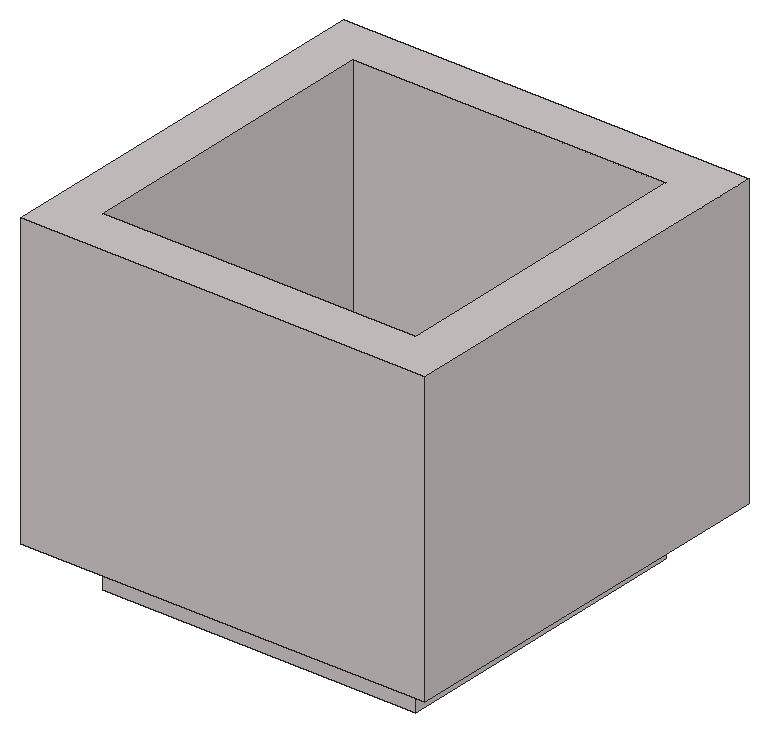
Revit family
Parameters (values of type "0900 x 0900mm")
  Material = Concrete - Precast Concrete
  Depth = 900.00 mm
  Height = 750.00 mm
  Width = 900.00 mm
Types (3, lengths in mm): name | Depth | Width
  (no name) | 900.00 | 900.00
  1200 x 1200mm | 1200.00 | 1200.00
  0900 x 0900mm | 900.00 | 900.00
Reference planes
  plane 1 "Center (Front/Back)": y = 0
  plane 2: z = 0
  plane 3 "Center (Left/Right)": x = 0
  plane 4: y = 450
  plane 5: y = -450
  plane 6: x = 450
  plane 7: x = -450
  plane 8: z = 750
  plane 9: z = 101.6
  plane 10: z = 203.2
Forms (mm)
  Extrusion 1, solid, material "Concrete - Precast Concrete" <- "Material"
    sketch origin (0, 0, 0) x (1, 0, 0) y (0, 1, 0)
      loop
        line (-450, 450) -> (-450, -450) -> (450, -450) -> (450, 450) -> (-450, 450)
    from 101.6 to 750
  Extrusion 2, solid, material "Concrete - Precast Concrete" <- "Material"
    sketch origin (0, 0, 0) x (1, 0, 0) y (0, 1, 0)
      loop
        line (-348.4, 348.4) -> (-348.4, -348.4) -> (348.4, -348.4) -> (348.4, 348.4) -> (-348.4, 348.4)
    from 0 to 101.6
  Extrusion 3, void
    sketch origin (0, 0, 0) x (1, 0, 0) y (0, 1, 0)
      loop
        line (-348.4, 348.4) -> (-348.4, -348.4) -> (348.4, -348.4) -> (348.4, 348.4) -> (-348.4, 348.4)
    from 203.2 to 750
Cuts and joins
  Extrusion 3 cuts Extrusion 1
  Extrusion 3 cuts Extrusion 2
Lines and regions (mm)
  symbolic lines, style "Site Accessories"
    curve 1: line (-450, 450, 0) -> (450, 450, 0)
    curve 2: line (-450, -450, 0) -> (-450, 450, 0)
    curve 3: line (450, -450, 0) -> (-450, -450, 0)
    curve 4: line (450, 450, 0) -> (450, -450, 0)
    curve 5: line (348.4, 348.4, 0) -> (-348.4, 348.4, 0)
    curve 6: line (348.4, -348.4, 0) -> (348.4, 348.4, 0)
    curve 7: line (-348.4, -348.4, 0) -> (348.4, -348.4, 0)
    curve 8: line (-348.4, 348.4, 0) -> (-348.4, -348.4, 0)
Dimensions and locks
  plane 7 to plane 3 "Center (Left/Right)" to plane 6 = 450.00 mm, 450.00 mm
  "Width": plane 7 to plane 6
  plane 5 to plane 1 "Center (Front/Back)" to plane 4 = 450.00 mm, 450.00 mm
  "Depth": plane 5 to plane 4
  "Height": plane 8 to plane 2
  plane 9 to plane 2 = 101.60 mm
  plane 10 to plane 9 = 101.60 mm
  aligned: plane 7 to Extrusion 1 sketch curve
  aligned: plane 4 to Extrusion 1 sketch curve
  aligned: plane 5 to Extrusion 1 sketch curve
  aligned: plane 6 to Extrusion 1 sketch curve
  aligned: plane 8 to Extrusion 1
  aligned: plane 9 to Extrusion 1
  aligned: Extrusion 2 to plane 9
  aligned: Extrusion 3 sketch curve to cut or joined group of Extrusion 2, Extrusion 3  (x4)
  aligned: plane 8 to Extrusion 3
  aligned: plane 10 to Extrusion 3
  aligned: curve 1 to cut or joined group of Extrusion 1, Extrusion 3  (x2)
  aligned: curve 4 to cut or joined group of Extrusion 1, Extrusion 3  (x2)
  aligned: curve 5 to cut or joined group of Extrusion 1, Extrusion 3  (x2)
  aligned: curve 8 to cut or joined group of Extrusion 1, Extrusion 3  (x2)
Automatic sketch dimensions
  Extrusion 2 sketch curve to plane 5 = 101.60 mm
  Extrusion 2 sketch curve to plane 7 = 101.60 mm
  plane 6 to Extrusion 2 sketch curve = 101.60 mm
  plane 4 to Extrusion 2 sketch curve = 101.60 mm
